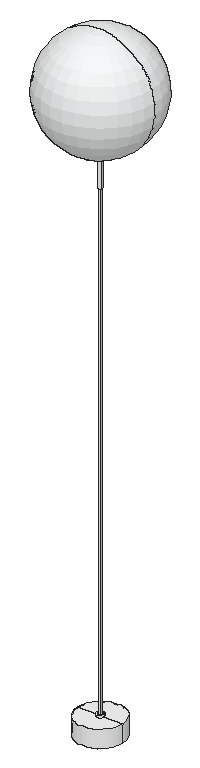
Revit family "56590.1_HOST_FACE", category Lighting Fixtures, host Face, Revit 2015 (continued)
Types (5): name | Wattage | built-in parameter 1150134 | Photometric Web File | built-in parameter 1150142 | Model | built-in parameter 1150105 | Lumens | Lamp | built-in parameter 1150107 | built-in parameter 1150106 | Description | Default Elevation
    30 0.65 0.00 0.00 0.00 0.00 0.00 0.00 0.00 0.00 0.00 0.94 1.88 2.65 3.41 4.47 5.53 6.78 8.02 9.57 11.12\r\n 12.62 14.12 15.49 16.85 18.20 19.54 20.79 22.03 23.21 24.39 25.38 26.36 27.15 27.93 28.48 29.02 29.47 29.91 30.49 31.07 31.89 32.00\r\n0.99 1.00 1.02 1.02 1.02 1.04 1.06 1.09 1.13 1.14 1.16 1.17 1.20 1.23 1.26 1.27 1.29 1.31 1.32 1.33 1.34 1.34 1.34 1.35 1.35 1.34 1.33 1.32 1.32 1.32 1.31 0.72 0.08 0.00 0.00 0.00 0.00 0.00 0.00 0.00 0.11 1.01 1.91 2.67 3.45 4.48 5.54 6.84 8.13 9.66 11.19\r\n 12.67 14.16 15.52 16.89 18.23 19.57 20.81 22.05 23.23 24.40 25.39 26.37 27.15 27.93 28.48 29.02 29.47 29.91 30.49 31.07 31.89 32.00\r\n0.99 1.00 1.02 1.02 1.02 1.04 1.06 1.09 1.12 1.14 1.15 1.17 1.20 1.23 1.25 1.27 1.28 1.30 1.31 1.33 1.35 1.35 1.35 1.35 1.34 1.33 1.33 1.33 1.32 1.31 1.31 0.90 0.30 0.00 0.00 0.00 0.00 0.00 0.00 0.00 0.41 1.23 2.02 2.71 3.51 4.51 5.57 6.90 8.25 9.75 11.26\r\n 12.78 14.26 15.62 16.99 18.32 19.65 20.88 22.10 23.28 24.44 25.42 26.39 27.17 27.95 28.49 29.03 29.47 29.92 30.50 31.08 31.89 32.00\r\n0.99 1.00 1.02 1.02 1.03 1.04 1.06 1.09 1.12 1.13 1.14 1.17 1.20 1.23 1.25 1.26 1.28 1.30 1.32 1.33 1.35 1.35 1.35 1.35 1.34 1.34 1.33 1.33 1.33 1.32 1.31 1.18 0.64 0.15 0.00 0.00 0.00 0.00 0.00 0.20 0.83 1.56 2.24 2.89 3.73 4.71 5.79 7.07 8.43 9.89 11.39\r\n 12.94 14.42 15.78 17.12 18.45 19.76 20.98 22.19 23.36 24.50 25.48 26.43 27.21 27.97 28.51 29.04 29.48 29.92 30.50 31.08 31.90 32.00\r\n0.99 1.00 1.02 1.02 1.03 1.05 1.06 1.09 1.11 1.13 1.14 1.17 1.20 1.22 1.24 1.26 1.28 1.30 1.32 1.33 1.34 1.35 1.35 1.35 1.35 1.34 1.33 1.32 1.32 1.33 1.31 1.30 1.07 0.63 0.31 0.09 0.00 0.11 0.41 0.86 1.39 1.94 2.51 3.15 4.18 5.15 6.21 7.39 8.75 10.12 \r\n11.63 13.22 14.68 16.00 17.32 18.64 19.92 21.12 22.31 23.47 24.59 25.55 26.49 27.26 28.00 28.53 29.06 29.49 29.94 30.51 31.09 31.90 32.00\r\n0.99 1.00 1.02 1.02 1.03 1.05 1.06 1.09 1.11 1.12 1.14 1.17 1.19 1.22 1.24 1.26 1.27 1.29 1.31 1.32 1.34 1.35 1.35 1.35 1.34 1.33 1.32 1.32 1.33 1.32 1.31 1.32 1.30 1.18 0.92 0.80 0.80 0.95 1.22 1.60 2.00 2.42 2.89 3.67 4.62 5.65 6.75 7.82 9.29 10.71 \r\n12.13 13.63 15.01 16.29 17.58 18.87 20.12 21.30 22.47 23.61 24.70 25.65 26.55 27.32 28.04 28.57 29.08 29.51 29.96 30.53 31.11 31.91 32.00\r\n0.99 1.00 1.02 1.02 1.03 1.05 1.06 1.09 1.10 1.12 1.14 1.17 1.19 1.21 1.23 1.26 1.27 1.29 1.30 1.31 1.33 1.35 1.35 1.35 1.34 1.33 1.33 1.33 1.33 1.34 1.36 1.37 1.39 1.41 1.45 1.50 1.59 1.76 1.95 2.23 2.58 2.99 3.55 4.28 5.15 6.18 7.23 8.49 9.95 11.36 \r\n12.72 14.14 15.38 16.64 17.90 19.15 20.35 21.52 22.66 23.79 24.83 25.76 26.63 27.39 28.08 28.61 29.11 29.53 29.98 30.55 31.13 31.92 32.00\r\n0.99 1.00 1.02 1.02 1.03 1.05 1.06 1.08 1.10 1.12 1.14 1.16 1.18 1.20 1.23 1.25 1.27 1.28 1.29 1.31 1.33 1.34 1.35 1.35 1.35 1.34 1.35 1.36 1.38 1.40 1.46 1.50 1.54 1.60 1.72 1.85 2.03 2.25 2.49 2.80 3.17 3.74 4.38 5.04 5.87 6.85 7.85 9.19 10.62 11.99 \r\n13.28 14.58 15.80 17.03 18.25 19.48 20.63 21.78 22.88 23.99 24.98 25.90 26.73 27.48 28.14 28.65 29.14 29.56 30.01 30.57 31.15 31.93 32.00\r\n0.99 1.00 1.01 1.02 1.03 1.05 1.06 1.08 1.10 1.12 1.14 1.16 1.18 1.19 1.22 1.25 1.26 1.28 1.29 1.30 1.32 1.34 1.35 1.35 1.36 1.37 1.40 1.44 1.49 1.55 1.62 1.70 1.81 1.90 2.05 2.23 2.46 2.74 3.06 3.48 3.98 4.56 5.19 5.95 6.79 7.65 8.66 9.88 11.27 12.58 \r\n13.87 15.07 16.26 17.46 18.66 19.83 20.94 22.07 23.14 24.22 25.15 26.05 26.84 27.58 28.20 28.71 29.18 29.59 30.04 30.59 31.17 31.94 32.00\r\n0.99 1.00 1.01 1.02 1.03 1.05 1.06 1.08 1.10 1.12 1.14 1.16 1.18 1.19 1.21 1.24 1.25 1.27 1.28 1.29 1.31 1.33 1.35 1.37 1.40 1.44 1.51 1.58 1.66 1.76 1.85 1.98 2.13 2.29 2.51 2.76 3.06 3.39 3.77 4.22 4.77 5.36 6.04 6.84 7.71 8.61 9.51 10.61 11.90 13.23 \r\n14.44 15.58 16.79 17.91 19.09 20.21 21.29 22.37 23.42 24.45 25.34 26.22 26.97 27.70 28.26 28.76 29.22 29.62 30.08 30.62 31.20 31.95 32.00\r\n0.99 1.00 1.01 1.02 1.03 1.05 1.06 1.08 1.09 1.11 1.14 1.16 1.17 1.18 1.20 1.22 1.24 1.25 1.27 1.28 1.31 1.33 1.37 1.42 1.49 1.58 1.68 1.78 1.89 2.01 2.15 2.33 2.52 2.74 3.01 3.31 3.65 4.04 4.47 4.98 5.56 6.18 6.84 7.62 8.60 9.60 10.46 11.45 12.66 13.93 \r\n15.01 16.12 17.25 18.41 19.54 20.60 21.68 22.70 23.72 24.69 25.55 26.40 27.11 27.83 28.34 28.83 29.26 29.66 30.12 30.65 31.22 31.97 32.00\r\n0.99 1.00 1.01 1.02 1.03 1.05 1.06 1.07 1.09 1.11 1.13 1.15 1.17 1.18 1.20 1.21 1.23 1.24 1.25 1.28 1.31 1.37 1.45 1.53 1.64 1.76 1.89 2.02 2.16 2.33 2.50 2.71 2.96 3.25 3.56 3.91 4.31 4.75 5.22 5.77 6.38 7.01 7.69 8.49 9.43 10.46 11.41 12.34 13.48 14.55 \r\n15.60 16.68 17.78 18.89 19.98 21.01 22.05 23.06 24.05 24.93 25.78 26.57 27.26 27.95 28.42 28.90 29.31 29.70 30.16 30.68 31.26 31.98 32.00\r\n0.99 1.00 1.01 1.02 1.03 1.04 1.06 1.07 1.09 1.10 1.12 1.15 1.16 1.17 1.19 1.20 1.22 1.24 1.27 1.30 1.36 1.46 1.55 1.68 1.82 1.97 2.13 2.29 2.48 2.70 2.93 3.18 3.45 3.78 4.13 4.52 4.96 5.45 5.96 6.54 7.19 7.84 8.55 9.36 10.25 11.20 12.16 13.16 14.16 15.17\r\n 16.22 17.26 18.32 19.40 20.42 21.45 22.44 23.42 24.39 25.20 26.02 26.75 27.43 28.04 28.51 29.00 29.36 29.74 30.21 30.72 31.29 32.00 32.00\r\n0.99 1.00 1.01 1.02 1.03 1.04 1.06 1.07 1.08 1.10 1.12 1.14 1.15 1.16 1.18 1.20 1.21 1.25 1.28 1.33 1.46 1.56 1.71 1.84 2.03 2.21 2.40 2.61 2.83 3.09 3.37 3.66 3.98 4.34 4.74 5.19 5.67 6.18 6.72 7.32 7.97 8.66 9.38 10.19 11.05 11.96 12.91 13.86 14.82 \r\n15.83 16.82 17.86 18.89 19.89 20.88 21.88 22.84 23.79 24.68 25.48 26.28 26.94 27.61 28.15 28.60 29.05 29.42 29.79 30.26 30.76 31.33 32.02 32.00\r\n0.99 1.00 1.01 1.02 1.03 1.04 1.05 1.06 1.08 1.09 1.11 1.13 1.14 1.15 1.17 1.19 1.22 1.26 1.30 1.43 1.56 1.72 1.88 2.07 2.26 2.48 2.70 2.94 3.22 3.52 3.84 4.17 4.54 4.93 5.36 5.85 6.38 6.91 7.47 8.09 8.75 9.47 10.20 11.00 11.85 12.73 13.63 14.55 15.52 \r\n16.46 17.44 18.44 19.42 20.38 21.36 22.30 23.25 24.18 24.98 25.79 26.50 27.14 27.80 28.26 28.70 29.12 29.48 29.84 30.31 30.80 31.37 32.04 32.00\r\n0.99 1.00 1.01 1.02 1.03 1.04 1.05 1.06 1.07 1.09 1.11 1.12 1.13 1.15 1.17 1.18 1.24 1.28 1.39 1.54 1.70 1.89 2.09 2.30 2.53 2.76 3.04 3.32 3.62 3.97 4.33 4.70 5.12 5.55 6.02 6.54 7.09 7.64 8.23 8.85 9.52 10.27 11.02 11.79 12.61 13.48 14.35 15.26 16.17 \r\n17.11 18.07 19.01 19.95 20.89 21.82 22.75 23.67 24.52 25.29 26.07 26.73 27.35 27.95 28.38 28.81 29.19 29.54 29.90 30.37 30.85 31.41 32.06 32.00\r\n0.99 1.00 1.01 1.01 1.03 1.04 1.05 1.06 1.07 1.08 1.10 1.12 1.13 1.14 1.16 1.21 1.26 1.33 1.49 1.65 1.86 2.06 2.30 2.54 2.82 3.10 3.40 3.72 4.04 4.43 4.82 5.23 5.69 6.17 6.68 7.22 7.79 8.37 8.98 9.61 10.29 11.02 11.76 12.54 13.36 14.23 15.08 15.95 16.85 \r\n17.78 18.66 19.58 20.48 21.42 22.30 23.21 24.07 24.84 25.62 26.32 26.96 27.57 28.07 28.51 28.92 29.27 29.61 29.98 30.43 30.90 31.45 32.08 32.00\r\n0.99 1.00 1.01 1.01 1.02 1.04 1.05 1.05 1.06 1.07 1.09 1.11 1.12 1.13 1.17 1.23 1.29 1.42 1.58 1.79 2.02 2.26 2.52 2.81 3.12 3.44 3.77 4.11 4.49 4.90 5.32 5.76 6.24 6.75 7.29 7.87 8.46 9.06 9.69 10.35 11.04 11.77 12.52 13.30 14.09 14.92 15.77 16.64 17.53 \r\n18.37 19.25 20.14 21.03 21.91 22.79 23.66 24.43 25.18 25.97 26.57 27.19 27.80 28.21 28.63 29.02 29.35 29.68 30.06 30.50 30.95 31.50 32.11 32.00\r\n0.99 1.00 1.01 1.01 1.02 1.03 1.04 1.05 1.05 1.07 1.09 1.10 1.11 1.12 1.19 1.26 1.36 1.52 1.68 1.95 2.19 2.48 2.75 3.08 3.42 3.77 4.15 4.52 4.94 5.37 5.82 6.30 6.80 7.33 7.91 8.51 9.12 9.74 10.40 11.08 11.78 12.50 13.25 14.01 14.81 15.64 16.46 17.29 18.13\r\n 18.97 19.84 20.70 21.57 22.42 23.30 24.04 24.80 25.54 26.21 26.83 27.43 27.95 28.36 28.76 29.12 29.43 29.76 30.15 30.57 31.00 31.55 32.13 32.00\r\n0.99 1.00 1.01 1.01 1.02 1.03 1.04 1.04 1.05 1.06 1.08 1.09 1.10 1.11 1.20 1.28 1.45 1.62 1.85 2.11 2.40 2.70 3.02 3.36 3.72 4.09 4.50 4.92 5.38 5.85 6.33 6.84 7.37 7.92 8.53 9.16 9.81 10.44 11.10 11.78 12.49 13.22 13.99 14.74 15.51 16.31 17.10 17.91 \r\n18.74 19.58 20.41 21.26 22.10 22.95 23.69 24.44 25.17 25.86 26.47 27.09 27.65 28.09 28.51 28.90 29.22 29.52 29.84 30.23 30.64 31.06 31.60 32.16 32.00\r\n0.99 1.00 1.00 1.01 1.02 1.03 1.03 1.03 1.04 1.06 1.08 1.08 1.09 1.13 1.22 1.33 1.54 1.74 2.01 2.28 2.61 2.94 3.29 3.65 4.03 4.42 4.86 5.32 5.81 6.32 6.84 7.38 7.94 8.51 9.15 9.81 10.49 11.13 11.80 12.48 13.18 13.90 14.66 15.40 16.17 16.95 17.74 18.55 \r\n19.35 20.18 20.99 21.84 22.62 23.37 24.10 24.86 25.52 26.15 26.75 27.35 27.81 28.24 28.67 29.00 29.32 29.61 29.94 30.33 30.71 31.12 31.66 32.18 32.00\r\n0.99 1.00 1.00 1.01 1.02 1.03 1.03 1.03 1.04 1.06 1.07 1.07 1.08 1.15 1.25 1.42 1.63 1.88 2.16 2.46 2.81 3.17 3.56 3.95 4.35 4.79 5.23 5.73 6.25 6.78 7.34 7.91 8.50 9.09 9.73 10.39 11.07 11.75 12.43 13.12 13.82 14.54 15.30 16.06 16.84 17.59 18.38 19.17 \r\n19.97 20.78 21.58 22.31 23.04 23.79 24.52 25.20 25.82 26.44 27.04 27.53 27.97 28.39 28.82 29.12 29.42 29.71 30.05 30.42 30.79 31.21 31.71 32.21 32.00\r\n0.99 1.00 1.00 1.01 1.01 1.02 1.02 1.02 1.04 1.05 1.06 1.07 1.08 1.18 1.27 1.50 1.73 2.01 2.30 2.65 3.00 3.39 3.79 4.23 4.67 5.15 5.63 6.14 6.67 7.22 7.81 8.42 9.04 9.66 10.31 10.97 11.65 12.36 13.06 13.76 14.46 15.18 15.94 16.70 17.46 18.23 19.03 19.81 \r\n20.59 21.31 22.03 22.75 23.48 24.21 24.88 25.51 26.14 26.74 27.26 27.69 28.14 28.55 28.92 29.23 29.52 29.81 30.17 30.52 30.87 31.29 31.77 32.24 32.00\r\n0.99 1.00 1.00 1.01 1.01 1.02 1.02 1.02 1.03 1.05 1.05 1.06 1.10 1.20 1.33 1.58 1.83 2.14 2.45 2.81 3.18 3.60 4.02 4.48 4.95 5.46 5.99 6.53 7.08 7.66 8.26 8.88 9.52 10.17 10.85 11.54 12.26 12.95 13.66 14.36 15.07 15.80 16.56 17.34 18.09 18.85 19.60 20.34 \r\n21.07 21.78 22.50 23.20 23.89 24.55 25.22 25.83 26.45 26.95 27.43 27.86 28.30 28.69 29.03 29.35 29.63 29.95 30.29 30.62 30.95 31.38 31.83 32.27 32.00\r\n0.99 1.00 1.00 1.00 1.01 1.01 1.01 1.01 1.03 1.05 1.05 1.05 1.12 1.22 1.40 1.66 1.94 2.26 2.60 2.97 3.37 3.80 4.25 4.72 5.22 5.74 6.30 6.87 7.46 8.06 8.70 9.34 10.00 10.68 11.39 12.12 12.86 13.55 14.26 14.96 15.67 16.38 17.13 17.90 18.61 19.35 20.09 20.83\r\n 21.55 22.26 22.93 23.60 24.26 24.91 25.56 26.14 26.65 27.13 27.59 28.04 28.44 28.81 29.15 29.48 29.75 30.09 30.41 30.73 31.04 31.47 31.89 32.30 32.00\r\n0.99 1.00 1.00 1.00 1.01 1.01 1.01 1.01 1.03 1.04 1.04 1.04 1.14 1.24 1.47 1.74 2.04 2.37 2.74 3.12 3.55 3.99 4.48 4.97 5.49 6.02 6.62 7.22 7.83 8.46 9.12 9.79 10.46 11.16 11.87 12.60 13.34 14.04 14.76 15.46 16.18 16.89 17.64 18.41 19.13 19.86 20.58 21.29\r\n 21.97 22.66 23.33 24.00 24.65 25.28 25.81 26.33 26.83 27.31 27.77 28.20 28.58 28.95 29.27 29.60 29.91 30.24 30.54 30.83 31.16 31.56 31.95 32.33 32.00\r\n0.99 1.00 1.00 1.00 1.01 1.01 1.00 1.01 1.02 1.03 1.03 1.04 1.16 1.27 1.54 1.81 2.14 2.48 2.87 3.26 3.72 4.18 4.70 5.22 5.76 6.31 6.92 7.53 8.16 8.81 9.50 10.20 10.90 11.62 12.35 13.08 13.81 14.53 15.25 15.96 16.67 17.38 18.12 18.86 19.57 20.27 20.97 \r\n21.69 22.37 23.07 23.73 24.36 24.92 25.48 26.00 26.53 27.02 27.51 27.92 28.35 28.71 29.08 29.40 29.76 30.07 30.38 30.67 30.94 31.29 31.65 32.02 32.36 32.00\r\n0.99 0.99 1.00 1.00 1.01 1.00 1.00 1.00 1.02 1.03 1.02 1.06 1.18 1.33 1.60 1.88 2.23 2.58 2.99 3.40 3.89 4.37 4.90 5.44 6.01 6.59 7.20 7.83 8.47 9.13 9.81 10.51 11.21 11.95 12.70 13.44 14.18 14.90 15.62 16.35 17.08 17.81 18.54 19.27 19.98 20.68 21.38 \r\n22.07 22.72 23.36 23.96 24.56 25.12 25.68 26.20 26.73 27.19 27.65 28.07 28.49 28.86 29.22 29.57 29.93 30.24 30.53 30.81 31.08 31.42 31.75 32.08 32.40 32.00\r\n0.99 0.99 1.00 1.00 1.00 1.00 0.99 1.00 1.02 1.02 1.02 1.07 1.20 1.38 1.65 1.95 2.31 2.69 3.11 3.55 4.05 4.56 5.09 5.63 6.20 6.80 7.42 8.07 8.73 9.40 10.09 10.79 11.51 12.27 13.04 13.80 14.55 15.26 15.98 16.73 17.47 18.20 18.91 19.61 20.29 20.97 21.63 \r\n22.29 22.92 23.55 24.16 24.77 25.34 25.87 26.39 26.89 27.36 27.81 28.23 28.64 29.02 29.41 29.77 30.10 30.41 30.68 30.96 31.24 31.55 31.85 32.15 32.43 32.00\r\n0.99 0.99 1.00 1.00 1.00 1.00 0.99 1.00 1.01 1.02 1.02 1.09 1.21 1.42 1.70 2.02 2.39 2.79 3.21 3.67 4.17 4.69 5.24 5.81 6.39 6.99 7.62 8.28 8.95 9.64 10.33 11.04 11.75 12.51 13.28 14.05 14.82 15.53 16.25 16.99 17.72 18.43 19.14 19.84 20.53 21.21 21.87 \r\n22.52 23.16 23.76 24.36 24.95 25.51 26.04 26.56 27.06 27.53 27.97 28.39 28.83 29.23 29.61 29.96 30.28 30.58 30.84 31.13 31.41 31.68 31.95 32.22 32.46 32.00\r\n0.99 0.99 1.00 1.00 1.00 1.00 0.99 1.00 1.01 1.01 1.01 1.10 1.23 1.46 1.74 2.09 2.47 2.88 3.31 3.78 4.27 4.80 5.35 5.93 6.53 7.16 7.82 8.48 9.16 9.85 10.56 11.27 11.99 12.75 13.52 14.30 15.08 15.80 16.52 17.24 17.96 18.66 19.36 20.07 20.76 21.43 22.09 \r\n22.72 23.35 23.96 24.55 25.13 25.69 26.22 26.74 27.25 27.73 28.18 28.63 29.05 29.45 29.82 30.17 30.47 30.78 31.05 31.33 31.57 31.82 32.05 32.29 32.50 32.00\r\n0.99 0.99 0.99 1.00 1.00 1.00 0.99 1.00 1.01 1.01 1.01 1.11 1.23 1.49 1.79 2.15 2.54 2.97 3.42 3.89 4.38 4.90 5.44 6.04 6.65 7.32 8.01 8.68 9.34 10.05 10.77 11.49 12.22 12.97 13.73 14.49 15.25 15.99 16.73 17.45 18.17 18.87 19.56 20.27 20.98 21.64 22.29 \r\n22.93 23.56 24.17 24.76 25.33 25.89 26.44 26.98 27.49 27.98 28.43 28.87 29.28 29.68 30.03 30.37 30.68 31.01 31.27 31.53 31.74 31.96 32.16 32.36 32.53 32.00\r\n0.99 0.99 0.99 1.00 1.00 0.99 0.99 1.00 1.00 1.01 1.01 1.12 1.24 1.52 1.82 2.20 2.60 3.05 3.52 4.01 4.51 5.05 5.60 6.20 6.80 7.48 8.18 8.85 9.51 10.24 10.97 11.70 12.44 13.18 13.95 14.67 15.42 16.18 16.95 17.67 18.39 19.08 19.78 20.49 21.20 21.87 22.53 \r\n23.17 23.82 24.43 25.04 25.61 26.17 26.72 27.25 27.75 28.24 28.68 29.12 29.52 29.91 30.29 30.66 30.97 31.27 31.51 31.74 31.92 32.09 32.26 32.43 32.57 32.00\r\n0.99 0.99 0.99 0.99 1.00 0.99 0.99 0.99 1.00 1.01 1.01 1.13 1.27 1.56 1.86 2.26 2.66 3.13 3.61 4.12 4.63 5.19 5.75 6.36 6.97 7.64 8.32 9.00 9.68 10.40 11.12 11.86 12.63 13.37 14.15 14.90 15.68 16.42 17.17 17.89 18.62 19.32 20.02 20.74 21.46 22.13 22.80 \r\n23.46 24.12 24.73 25.34 25.91 26.47 27.00 27.53 28.03 28.52 28.99 29.45 29.86 30.27 30.62 30.97 31.26 31.54 31.74 31.94 32.09 32.23 32.37 32.50 32.60 32.00\r\n0.99 0.99 0.99 0.99 0.99 0.99 0.99 0.99 1.00 1.00 1.01 1.15 1.30 1.59 1.90 2.31 2.72 3.19 3.68 4.20 4.72 5.30 5.88 6.51 7.15 7.79 8.48 9.15 9.87 10.56 11.29 12.02 12.78 13.55 14.34 15.13 15.93 16.66 17.40 18.13 18.86 19.57 20.29 21.01 21.74 22.42 23.11 \r\n23.79 24.46 25.08 25.71 26.28 26.86 27.39 27.94 28.44 28.95 29.40 29.86 30.25 30.64 30.96 31.29 31.55 31.81 31.98 32.15 32.26 32.38 32.47 32.57 32.64 32.00\r\n0.99 0.99 0.99 0.99 0.99 0.99 0.99 0.99 0.99 1.00 1.01 1.16 1.31 1.62 1.94 2.35 2.77 3.25 3.73 4.26 4.80 5.39 5.99 6.64 7.30 7.97 8.65 9.36 10.07 10.82 11.57 12.32 13.08 13.87 14.66 15.46 16.27 17.02 17.77 18.51 19.26 19.98 20.70 21.44 22.18 22.87 23.56 \r\n24.23 24.90 25.52 26.15 26.72 27.30 27.84 28.37 28.88 29.38 29.83 30.28 30.64 31.01 31.31 31.61 31.85 32.08 32.22 32.36 32.44 32.52 32.58 32.64 32.67 32.00\r\n0.99 0.99 0.99 0.99 0.99 0.99 0.99 0.99 0.99 1.00 1.01 1.17 1.33 1.65 1.96 2.39 2.81 3.29 3.77 4.32 4.86 5.47 6.07 6.76 7.44 8.13 8.82 9.55 10.28 11.07 11.85 12.62 13.39 14.18 14.97 15.79 16.61 17.38 18.14 18.90 19.66 20.40 21.13 21.88 22.63 23.33 24.03 \r\n24.69 25.34 25.97 26.60 27.18 27.76 28.29 28.82 29.33 29.83 30.27 30.70 31.05 31.39 31.67 31.94 32.15 32.35 32.46 32.57 32.62 32.66 32.69 32.71 32.71 32.00\r\n0.99 1.02 1.05 1.08 1.11 1.14 1.17 1.20 1.23 1.27 1.32 1.51 1.70 2.05 2.42 2.88 3.35 3.87 4.40 4.99 5.59 6.25 6.93 7.65 8.38 9.12 9.88 10.66 11.45 12.27 13.10 13.91 14.74 15.60 16.46 17.30 18.15 18.95 19.76 20.54 21.33 22.12 22.91 23.65 24.39 25.09 25.78 \r\n26.43 27.07 27.70 28.32 28.86 29.40 29.89 30.37 30.81 31.25 31.62 31.98 32.26 32.53 32.72 32.91 33.03 33.15 33.16 33.17 33.12 33.07 32.99 32.91 32.81 32.00\r\n0.99 1.05 1.11 1.17 1.23 1.29 1.35 1.41 1.47 1.55 1.62 1.84 2.07 2.46 2.86 3.36 3.87 4.44 5.01 5.65 6.30 7.03 7.76 8.52 9.31 10.09 10.93 11.75 12.62 13.46 14.34 15.20 16.13 17.03 17.96 18.82 19.68 20.53 21.39 22.22 23.05 23.85 24.69 25.43 26.16 26.85 \r\n27.54 28.19 28.82 29.44 30.05 30.56 31.06 31.50 31.92 32.31 32.68 32.98 33.27 33.48 33.67 33.78 33.89 33.92 33.95 33.87 33.78 33.63 33.47 33.30 33.12 32.91 32.00\r\n0.99 1.08 1.17 1.26 1.35 1.44 1.53 1.62 1.71 1.82 1.93 2.17 2.42 2.85 3.29 3.83 4.38 5.04 5.82 6.67 7.52 8.43 9.34 10.27 11.18 12.14 13.08 14.05 15.00 15.97 16.92 17.88 18.85 19.82 20.82 21.72 22.63 23.49 24.33 25.14 25.93 26.72 27.49 28.19 28.87 29.50 \r\n30.11 30.67 31.22 31.73 32.22 32.63 33.01 33.31 33.60 33.84 34.12 34.35 34.56 34.70 34.81 34.85 34.87 34.81 34.75 34.57 34.38 34.13 33.88 33.60 33.32 33.02 32.00\r\n0.99 1.11 1.23 1.3
